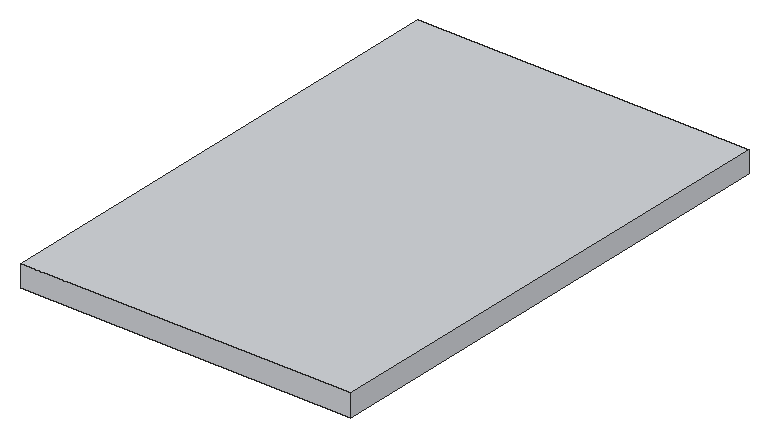
Revit family "CIRQUA-LI 1XxxxSF-FSW", category Oprawy oświetleniowe, Revit 2019
Family settings
  Obiekt nadrzędny = Powierzchnia
  Wymiar okrągłego złącza = Użyj średnicy
  Typ części = Normalny
  Numer OmniClass = 23.80.70.11
  Tytuł OmniClass = Luminaries for Internal Lighting
  Tnij formami wycięć po wczytaniu = Nie
  Źródło światła = Tak
  Współdzielony = Nie
  Punkt obliczania pomieszczeń = Nie
Parameters (values of type "CIRQUA-LI 1X2600-930 SF-FSW")
  width = 100 mm  # constant formula
  weight = "1 kg"  # constant formula
  voltage type (AC, DC, UC) = "AC"
  rated input power = 26  # constant formula
  product name = "CIRQUA-LI 1X2600-930 SF-FSW"
  nominal voltage = "230"
  nominal frequency = "50-60Hz"
  length = 231 mm  # constant formula
  ingress protection (IP) code = "IP20"
  height = 160 mm  # constant formula
  electrical safety class = "1"
  control gear = ""
  conformity mark = "CE"  # constant formula
  brand = "RIDI"
  approval mark = ""
  built-in parameter 1150104 = 13.8 (stored number, unit not read)
  Wattage = 16.8976 W
  Emituj ze średnicy okręgu = 76 mm  # constant formula
  Default Elevation = 0 mm
  built-in parameter 1150113 = 1 (stored number, unit not read)
  built-in parameter 1114218 = 1 (stored number, unit not read)
  URL = "www.ridi.de"
  built-in parameter 1150134 = (empty or 0)
  built-in parameter 1150109 = 1 (stored number, unit not read)
  built-in parameter 1150110 = 1 (stored number, unit not read)
  Apparent Load = 26 VA  # constant formula
  Tilt Angle = 90.00°
  Model = "0321997AQ"
  built-in parameter 1114217 = 1 (stored number, unit not read)
  built-in parameter 1150139 = (empty or 0)
  built-in parameter 1150105 = 3448 (stored number, unit not read)
  built-in parameter 1150114 = 1 (stored number, unit not read)
  Lumens = 2510 lm
  built-in parameter 1150115 = 1 (stored number, unit not read)
  built-in parameter 1150112 = 1 (stored number, unit not read)
  Lampa = "LED"
  Producent = "RIDI Leuchten GmbH"  # constant formula
  Dimming Lamp Color Temperature Shift = (empty or 0)
  Color Filter = 16777215
  built-in parameter 1150133 = 10 (stored number, unit not read)
  Emit Shape Visible in Rendering = no
  built-in parameter 1150137 = (empty or 0)
  built-in parameter 1150132 = 2
  Plik sieci fotometrycznej = "CIRQUA-L 1x3200-840 SF.IES"
  Copyright = "© RIDI. All rights reserved."  # constant formula
  built-in parameter 1150106 = 34.48 (stored number, unit not read)
  Kod zespołu = "D5020200"
  built-in parameter 1150107 = 3000 (stored number, unit not read)
  built-in parameter 1150102 = (empty or 0)
  built-in parameter 1150138 = (empty or 0)
Types (4, lengths in mm): name | product name | Wattage | built-in parameter 1150134 | Model | built-in parameter 1150105 | Lumens | built-in parameter 1150106 | built-in parameter 1150107
  (no name) | "CIRQUA-LI 1X2600-930 SF-FSW" | 16.8976 W | (empty or 0) | "0321997AQ" | 3448 (stored number, unit not read) | 2510 lm | 34.48 (stored number, unit not read) | 3000 (stored number, unit not read)
  CIRQUA-LI 1X3200-840 SF-FSW | "CIRQUA-LI 1X3200-840 SF-FSW" | 22.014 W | 12 | "0321989AQ" | 4492 (stored number, unit not read) | 3270 lm | 44.92 (stored number, unit not read) | 4000 (stored number, unit not read)
  CIRQUA-LI 1X3000-830 SF-FSW | "CIRQUA-LI 1X3000-830 SF-FSW" | 20.7349 W | (empty or 0) | "0321993AQ" | 4231 (stored number, unit not read) | 3080 lm | 42.31 (stored number, unit not read) | 3000 (stored number, unit not read)
  CIRQUA-LI 1X2600-930 SF-FSW | "CIRQUA-LI 1X2600-930 SF-FSW" | 16.8976 W | (empty or 0) | "0321997AQ" | 3448 (stored number, unit not read) | 2510 lm | 34.48 (stored number, unit not read) | 3000 (stored number, unit not read)
Reference planes
  plane 1 "Mitte (Vorne/hinten)": y = 0
  plane 2: z = 24.176
  plane 3 "Mitte (Links/rechts)": x = 22
  plane 4: z = 0
Forms (mm)
  Extrusion 1, solid
    sketch origin (219.2, 280.8, 0) x (1, 0, 0) y (0, 1, 0)
      loop
        line (-1219.2, 1219.2) -> (-1219.2, -1780.8) -> (780.8, -1780.8) -> (780.8, 1219.2) -> (-1219.2, 1219.2)
    from 24.176 to -107.307
Dimensions and locks
  aligned and locked: plane 2 to Extrusion 1
Connectors
  electrical at (22.05, -6.85, -4.224), driven by "Apparent Load"
    settings: on import instance, index 1, voltage 230 V, apparent load 0 VA, apparent load phase1 26 VA, apparent load phase2 0 VA, apparent load phase3 0 VA, power factor 1, load classification "Lighting", number of poles 1, system type 31, power factor state 1, is connector primary yes, connector utility no, sub classification motor no, connector description ""
